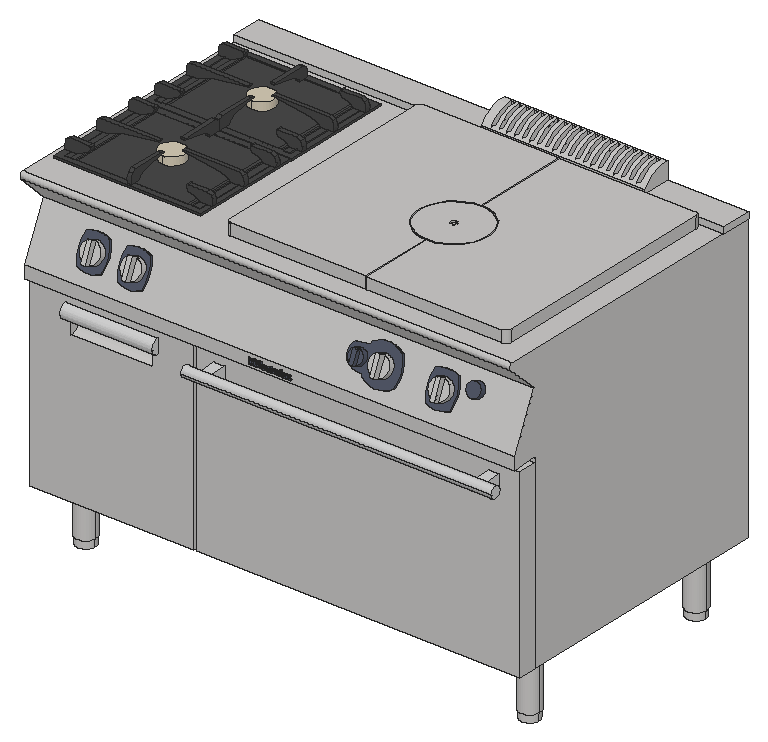
Revit family "QF_ELECTROLUXPROFESSIONAL_371010_E7STGL3010", category Specialty Equipment, Revit 2018 (continued)
Automatic sketch dimensions
  Extrusion 35 sketch curve to Extrusion 35 sketch curve = 0.481 mm
  Extrusion 35 sketch curve to Extrusion 35 sketch curve = 0.597 mm
  Extrusion 35 sketch curve to Extrusion 35 sketch curve = 0.544 mm
  Extrusion 35 sketch curve to Extrusion 35 sketch curve = 0.936 mm
  Extrusion 35 sketch curve to Extrusion 35 sketch curve = 0.594 mm
  Extrusion 35 sketch curve to Extrusion 35 sketch curve = 0.343 mm
  Extrusion 35 sketch curve to Extrusion 35 sketch curve = 0.159 mm
  Extrusion 35 sketch curve to Extrusion 35 sketch curve = 0.826 mm
  Extrusion 35 sketch curve to Extrusion 35 sketch curve = 0.839 mm
  Extrusion 35 sketch curve to Extrusion 35 sketch curve = 0.852 mm
  Extrusion 35 sketch curve to Extrusion 35 sketch curve = 0.887 mm
  Extrusion 35 sketch curve to Extrusion 35 sketch curve = 0.928 mm
  Extrusion 35 sketch curve to Extrusion 35 sketch curve = 0.938 mm
  Extrusion 35 sketch curve to Extrusion 35 sketch curve = 0.444 mm
  Extrusion 35 sketch curve to Extrusion 35 sketch curve = 1.11 mm  (x3)
  plane 7 "Center Y" to Extrusion 35 sketch curve = 43.726 mm
  Extrusion 35 sketch curve to Extrusion 35 sketch curve = 0.215 mm
  plane 7 "Center Y" to Extrusion 35 sketch curve = 0.332 mm
  Extrusion 35 sketch curve to Extrusion 35 sketch curve = 1.43 mm
  Extrusion 35 sketch curve to Extrusion 35 sketch curve = 1.188 mm
  Extrusion 35 sketch curve to Extrusion 35 sketch curve = 1.21 mm  (x2)
  Extrusion 35 sketch curve to Extrusion 35 sketch curve = 0.503 mm
  plane 7 "Center Y" to Extrusion 35 sketch curve = 48.995 mm
  Extrusion 35 sketch curve to Extrusion 35 sketch curve = 0.488 mm
  plane 7 "Center Y" to Extrusion 35 sketch curve = 52.922 mm
  Extrusion 35 sketch curve to Extrusion 35 sketch curve = 0.462 mm
  Extrusion 35 sketch curve to Extrusion 35 sketch curve = 1.386 mm
  Extrusion 35 sketch curve to Extrusion 35 sketch curve = 1.742 mm
  Extrusion 35 sketch curve to Extrusion 35 sketch curve = 0.821 mm
  Extrusion 35 sketch curve to Extrusion 35 sketch curve = 0.497 mm
  Extrusion 35 sketch curve to Extrusion 35 sketch curve = 0.539 mm
  Extrusion 35 sketch curve to Extrusion 35 sketch curve = 0.686 mm
  Extrusion 35 sketch curve to plane 7 "Center Y" = 0.042 mm
  Extrusion 35 sketch curve to Extrusion 35 sketch curve = 0.408 mm
  Extrusion 35 sketch curve to Extrusion 35 sketch curve = 0.743 mm
  Extrusion 35 sketch curve to Extrusion 35 sketch curve = 1.16 mm
  Extrusion 35 sketch curve to Extrusion 35 sketch curve = 0.329 mm
  Extrusion 35 sketch curve to Extrusion 35 sketch curve = 1.054 mm
  Extrusion 35 sketch curve to Extrusion 35 sketch curve = 1.056 mm
  Extrusion 35 sketch curve to Extrusion 35 sketch curve = 0.129 mm
  Extrusion 35 sketch curve to Extrusion 35 sketch curve = 0.489 mm
  Extrusion 35 sketch curve to plane 7 "Center Y" = 0.376 mm
  Extrusion 35 sketch curve to Extrusion 35 sketch curve = 0.441 mm
  Extrusion 35 sketch curve to Extrusion 35 sketch curve = 1.151 mm
  Extrusion 35 sketch curve to Extrusion 35 sketch curve = 1.141 mm  (x2)
  Extrusion 35 sketch curve to Extrusion 35 sketch curve = 0.768 mm
  Extrusion 35 sketch curve to Extrusion 35 sketch curve = 1.653 mm
  Extrusion 35 sketch curve to Extrusion 35 sketch curve = 0.499 mm
  Extrusion 35 sketch curve to Extrusion 35 sketch curve = 0.964 mm
  Extrusion 35 sketch curve to Extrusion 35 sketch curve = 0.949 mm
  Extrusion 35 sketch curve to Extrusion 35 sketch curve = 1.345 mm  (x3)
  Extrusion 35 sketch curve to Extrusion 35 sketch curve = 1.101 mm
  Extrusion 35 sketch curve to Extrusion 35 sketch curve = 0.432 mm
  Extrusion 35 sketch curve to Extrusion 35 sketch curve = 1.142 mm
  Extrusion 35 sketch curve to Extrusion 35 sketch curve = 0.959 mm
  Extrusion 35 sketch curve to Extrusion 35 sketch curve = 0.176 mm
  Extrusion 35 sketch curve to Extrusion 35 sketch curve = 0.728 mm
  Extrusion 35 sketch curve to Extrusion 35 sketch curve = 3.375 mm  (x2)
  Extrusion 35 sketch curve to Extrusion 35 sketch curve = 0.541 mm
  Extrusion 35 sketch curve to Extrusion 35 sketch curve = 0.955 mm
  Extrusion 35 sketch curve to Extrusion 35 sketch curve = 1.251 mm
  Extrusion 35 sketch curve to Extrusion 35 sketch curve = 0.572 mm
  plane 7 "Center Y" to Extrusion 35 sketch curve = 47.619 mm
  Extrusion 35 sketch curve to Extrusion 35 sketch curve = 1.92 mm
  Extrusion 35 sketch curve to Extrusion 35 sketch curve = 1.224 mm
  Extrusion 35 sketch curve to Extrusion 35 sketch curve = 0.745 mm
  Extrusion 35 sketch curve to Extrusion 35 sketch curve = 0.036 mm
  Extrusion 35 sketch curve to Extrusion 35 sketch curve = 0.896 mm  (x3)
  Extrusion 35 sketch curve to Extrusion 35 sketch curve = 2.607 mm
  Extrusion 35 sketch curve to Extrusion 35 sketch curve = 0.066 mm
  Extrusion 35 sketch curve to Extrusion 35 sketch curve = 0.248 mm
  Extrusion 35 sketch curve to Extrusion 35 sketch curve = 0.449 mm
  plane 7 "Center Y" to Extrusion 35 sketch curve = 46.838 mm
  Extrusion 35 sketch curve to Extrusion 35 sketch curve = 1.052 mm
  Extrusion 35 sketch curve to Extrusion 35 sketch curve = 1.863 mm
  Extrusion 35 sketch curve to Extrusion 35 sketch curve = 1.31 mm  (x2)
  Extrusion 35 sketch curve to Extrusion 35 sketch curve = 0.901 mm
  Extrusion 35 sketch curve to Extrusion 35 sketch curve = 1.107 mm
  Extrusion 35 sketch curve to Extrusion 35 sketch curve = 2.122 mm
  Extrusion 35 sketch curve to Extrusion 35 sketch curve = 2.101 mm
  Extrusion 35 sketch curve to Extrusion 35 sketch curve = 0.106 mm
  Extrusion 35 sketch curve to Extrusion 35 sketch curve = 0.029 mm
  plane 7 "Center Y" to Extrusion 35 sketch curve = 49.641 mm
  Extrusion 35 sketch curve to Extrusion 35 sketch curve = 2.09 mm
  Extrusion 35 sketch curve to Extrusion 35 sketch curve = 1.279 mm
  Extrusion 35 sketch curve to Extrusion 35 sketch curve = 2.008 mm
  Extrusion 35 sketch curve to Extrusion 35 sketch curve = 0.738 mm
  Extrusion 35 sketch curve to Extrusion 35 sketch curve = 0.382 mm
  Extrusion 35 sketch curve to Extrusion 35 sketch curve = 0.384 mm
  Extrusion 35 sketch curve to Extrusion 35 sketch curve = 0.002 mm
  Extrusion 35 sketch curve to Extrusion 35 sketch curve = 0.561 mm
  Extrusion 35 sketch curve to Extrusion 35 sketch curve = 0.592 mm
  Extrusion 35 sketch curve to Extrusion 35 sketch curve = 2.692 mm
  Extrusion 35 sketch curve to Extrusion 35 sketch curve = 1.259 mm
  plane 7 "Center Y" to Extrusion 35 sketch curve = 48.858 mm
  Extrusion 35 sketch curve to Extrusion 35 sketch curve = 0.802 mm
  Extrusion 35 sketch curve to Extrusion 35 sketch curve = 1.024 mm
  Extrusion 35 sketch curve to Extrusion 35 sketch curve = 0.682 mm
  Extrusion 35 sketch curve to Extrusion 35 sketch curve = 5.934 mm
  Extrusion 35 sketch curve to Extrusion 35 sketch curve = 2.186 mm
  Extrusion 35 sketch curve to Extrusion 35 sketch curve = 0.337 mm
  Extrusion 35 sketch curve to Extrusion 35 sketch curve = 0.021 mm
  Extrusion 35 sketch curve to Extrusion 35 sketch curve = 1.005 mm
  Extrusion 35 sketch curve to Extrusion 35 sketch curve = 0.552 mm
  Extrusion 35 sketch curve to Extrusion 35 sketch curve = 0.778 mm
  Extrusion 35 sketch curve to Extrusion 35 sketch curve = 0.063 mm
  Extrusion 35 sketch curve to Extrusion 35 sketch curve = 1.023 mm
  Extrusion 35 sketch curve to Extrusion 35 sketch curve = 3.804 mm
  Extrusion 35 sketch curve to Extrusion 35 sketch curve = 0.486 mm
  Extrusion 35 sketch curve to Extrusion 35 sketch curve = 0.266 mm
  Extrusion 35 sketch curve to plane 7 "Center Y" = 0.787 mm
  Extrusion 35 sketch curve to Extrusion 35 sketch curve = 1.547 mm
  Extrusion 35 sketch curve to Extrusion 35 sketch curve = 0.717 mm  (x2)
  Extrusion 35 sketch curve to Extrusion 35 sketch curve = 1.667 mm
  plane 7 "Center Y" to Extrusion 35 sketch curve = 44.532 mm
  Extrusion 35 sketch curve to Extrusion 35 sketch curve = 3.174 mm
  plane 7 "Center Y" to Extrusion 35 sketch curve = 0.368 mm
  Extrusion 35 sketch curve to Extrusion 35 sketch curve = 0.388 mm
  Extrusion 35 sketch curve to Extrusion 35 sketch curve = 1.342 mm
  plane 7 "Center Y" to Extrusion 35 sketch curve = 50.135 mm
  Extrusion 35 sketch curve to Extrusion 35 sketch curve = 1.521 mm
  plane 7 "Center Y" to Extrusion 35 sketch curve = 51.694 mm
  Extrusion 35 sketch curve to Extrusion 35 sketch curve = 0.124 mm
  Extrusion 35 sketch curve to Extrusion 35 sketch curve = 0.291 mm
  plane 7 "Center Y" to Extrusion 35 sketch curve = 7.285 mm
  Extrusion 35 sketch curve to Extrusion 35 sketch curve = 1.049 mm  (x2)
  plane 7 "Center Y" to Extrusion 35 sketch curve = 47.668 mm
  Extrusion 35 sketch curve to Extrusion 35 sketch curve = 1.7 mm
  Extrusion 35 sketch curve to Extrusion 35 sketch curve = 0.894 mm
  Extrusion 35 sketch curve to Extrusion 35 sketch curve = 0.989 mm
  Extrusion 35 sketch curve to Extrusion 35 sketch curve = 1.168 mm
  Extrusion 35 sketch curve to Extrusion 35 sketch curve = 1.594 mm
  Extrusion 35 sketch curve to Extrusion 35 sketch curve = 0.731 mm
  Extrusion 35 sketch curve to Extrusion 35 sketch curve = 1.566 mm
  Extrusion 35 sketch curve to Extrusion 35 sketch curve = 0.064 mm
  plane 7 "Center Y" to Extrusion 35 sketch curve = 7.842 mm
  Extrusion 35 sketch curve to Extrusion 35 sketch curve = 0.556 mm
  Extrusion 35 sketch curve to Extrusion 35 sketch curve = 0.48 mm
  Extrusion 35 sketch curve to Extrusion 35 sketch curve = 0.228 mm
  Extrusion 35 sketch curve to Extrusion 35 sketch curve = 1.018 mm
  plane 7 "Center Y" to Extrusion 35 sketch curve = 37.429 mm
  Extrusion 35 sketch curve to Extrusion 35 sketch curve = 0.787 mm
  Extrusion 35 sketch curve to Extrusion 35 sketch curve = 0.618 mm
  plane 7 "Center Y" to Extrusion 35 sketch curve = 42.486 mm
  Extrusion 35 sketch curve to Extrusion 35 sketch curve = 1.672 mm
  plane 7 "Center Y" to Extrusion 35 sketch curve = 53.436 mm
  Extrusion 35 sketch curve to Extrusion 35 sketch curve = 1.361 mm
  Extrusion 35 sketch curve to Extrusion 35 sketch curve = 0.822 mm
  Extrusion 35 sketch curve to Extrusion 35 sketch curve = 0.069 mm
  Extrusion 35 sketch curve to Extrusion 35 sketch curve = 1.88 mm
  plane 7 "Center Y" to Extrusion 35 sketch curve = 35.269 mm
  Extrusion 35 sketch curve to Extrusion 35 sketch curve = 0.42 mm
  Extrusion 35 sketch curve to Extrusion 35 sketch curve = 0.062 mm
  Extrusion 35 sketch curve to Extrusion 35 sketch curve = 1.355 mm
  Extrusion 35 sketch curve to Extrusion 35 sketch curve = 2.34 mm
  Extrusion 35 sketch curve to Extrusion 35 sketch curve = 0.493 mm
  Extrusion 35 sketch curve to Extrusion 35 sketch curve = 0.136 mm
  Extrusion 35 sketch curve to Extrusion 35 sketch curve = 0.128 mm
  Extrusion 35 sketch curve to Extrusion 35 sketch curve = 3.616 mm
  Extrusion 35 sketch curve to Extrusion 35 sketch curve = 4.207 mm
  Extrusion 35 sketch curve to Extrusion 35 sketch curve = 0.183 mm
  Extrusion 35 sketch curve to Extrusion 35 sketch curve = 0.895 mm
  Extrusion 35 sketch curve to Extrusion 35 sketch curve = 1.314 mm
  Extrusion 35 sketch curve to Extrusion 35 sketch curve = 3.231 mm
  Extrusion 35 sketch curve to plane 7 "Center Y" = 23.526 mm
  Extrusion 35 sketch curve to Extrusion 35 sketch curve = 1.299 mm
  Extrusion 35 sketch curve to Extrusion 35 sketch curve = 1.214 mm
  plane 7 "Center Y" to Extrusion 35 sketch curve = 26.369 mm
  Extrusion 35 sketch curve to Extrusion 35 sketch curve = 1.264 mm
  Extrusion 35 sketch curve to Extrusion 35 sketch curve = 0.109 mm
  Extrusion 35 sketch curve to Extrusion 35 sketch curve = 0.357 mm
  Extrusion 35 sketch curve to Extrusion 35 sketch curve = 0.565 mm
  Extrusion 35 sketch curve to Extrusion 35 sketch curve = 2.504 mm
  Extrusion 35 sketch curve to Extrusion 35 sketch curve = 2.459 mm
  Extrusion 35 sketch curve to Extrusion 35 sketch curve = 0.983 mm
  Extrusion 35 sketch curve to Extrusion 35 sketch curve = 0.422 mm  (x2)
  Extrusion 35 sketch curve to Extrusion 35 sketch curve = 1.268 mm
  Extrusion 35 sketch curve to Extrusion 35 sketch curve = 0.671 mm
  Extrusion 35 sketch curve to Extrusion 35 sketch curve = 1.634 mm
  Extrusion 35 sketch curve to Extrusion 35 sketch curve = 0.132 mm
  Extrusion 35 sketch curve to Extrusion 35 sketch curve = 0.586 mm
  Extrusion 35 sketch curve to Extrusion 35 sketch curve = 1.241 mm
  Extrusion 35 sketch curve to Extrusion 35 sketch curve = 1.689 mm
  Extrusion 35 sketch curve to Extrusion 35 sketch curve = 0.627 mm
  Extrusion 35 sketch curve to Extrusion 35 sketch curve = 0.419 mm
  Extrusion 35 sketch curve to Extrusion 35 sketch curve = 1.514 mm
  Extrusion 35 sketch curve to Extrusion 35 sketch curve = 1.019 mm
  Extrusion 35 sketch curve to Extrusion 35 sketch curve = 0.065 mm
  Extrusion 35 sketch curve to Extrusion 35 sketch curve = 1.215 mm
  Extrusion 35 sketch curve to Extrusion 35 sketch curve = 1.122 mm
  Extrusion 35 sketch curve to Extrusion 35 sketch curve = 1.153 mm
  Extrusion 35 sketch curve to Extrusion 35 sketch curve = 1.223 mm
  Extrusion 35 sketch curve to Extrusion 35 sketch curve = 0.934 mm
  Extrusion 35 sketch curve to Extrusion 35 sketch curve = 3.376 mm
  Extrusion 35 sketch curve to Extrusion 35 sketch curve = 0.222 mm
  Extrusion 35 sketch curve to Extrusion 35 sketch curve = 1.383 mm
  Extrusion 35 sketch curve to Extrusion 35 sketch curve = 1.556 mm
  Extrusion 35 sketch curve to Extrusion 35 sketch curve = 2.559 mm
  Extrusion 35 sketch curve to Extrusion 35 sketch curve = 2.51 mm
  Extrusion 35 sketch curve to Extrusion 35 sketch curve = 0.131 mm
  Extrusion 35 sketch curve to Extrusion 35 sketch curve = 1.134 mm
  Extrusion 35 sketch curve to Extrusion 35 sketch curve = 0.094 mm
  Extrusion 35 sketch curve to Extrusion 35 sketch curve = 1.584 mm
  Extrusion 35 sketch curve to Extrusion 35 sketch curve = 0.27 mm
  Extrusion 35 sketch curve to Extrusion 35 sketch curve = 0.916 mm
  Extrusion 35 sketch curve to Extrusion 35 sketch curve = 0.352 mm
  Extrusion 35 sketch curve to Extrusion 35 sketch curve = 0.458 mm
  Extrusion 35 sketch curve to Extrusion 35 sketch curve = 1.282 mm
  Extrusion 35 sketch curve to Extrusion 35 sketch curve = 1.363 mm
  Extrusion 35 sketch curve to Extrusion 35 sketch curve = 0.685 mm
  Extrusion 35 sketch curve to Extrusion 35 sketch curve = 0.905 mm
  Extrusion 35 sketch curve to Extrusion 35 sketch curve = 1.477 mm
  Extrusion 35 sketch curve to Extrusion 35 sketch curve = 0.472 mm
  Extrusion 35 sketch curve to Extrusion 35 sketch curve = 0.101 mm
  Extrusion 35 sketch curve to Extrusion 35 sketch curve = 0.54 mm
  Extrusion 35 sketch curve to Extrusion 35 sketch curve = 0.02 mm
  Extrusion 35 sketch curve to Extrusion 35 sketch curve = 0.829 mm
  Extrusion 35 sketch curve to Extrusion 35 sketch curve = 0.582 mm
  Extrusion 35 sketch curve to Extrusion 35 sketch curve = 0.166 mm
  Extrusion 35 sketch curve to Extrusion 35 sketch curve = 0.16 mm
  Extrusion 35 sketch curve to Extrusion 35 sketch curve = 1.118 mm
  Extrusion 35 sketch curve to Extrusion 35 sketch curve = 0.613 mm
  Extrusion 35 sketch curve to Extrusion 35 sketch curve = 0.781 mm
  Extrusion 35 sketch curve to Extrusion 35 sketch curve = 0.361 mm
  Extrusion 35 sketch curve to Extrusion 35 sketch curve = 0.897 mm
  Extrusion 35 sketch curve to Extrusion 35 sketch curve = 0.167 mm
  Extrusion 35 sketch curve to Extrusion 35 sketch curve = 0.292 mm
  Extrusion 35 sketch curve to Extrusion 35 sketch curve = 0.305 mm
  Extrusion 35 sketch curve to Extrusion 35 sketch curve = 1.557 mm
  Extrusion 35 sketch curve to Extrusion 35 sketch curve = 2.499 mm
  Extrusion 35 sketch curve to Extrusion 35 sketch curve = 3.062 mm
  Extrusion 35 sketch curve to Extrusion 35 sketch curve = 2.968 mm
  Extrusion 35 sketch curve to Extrusion 35 sketch curve = 5.044 mm
  Extrusion 35 sketch curve to Extrusion 35 sketch curve = 0.629 mm  (x2)
  Extrusion 35 sketch curve to Extrusion 35 sketch curve = 1.131 mm
  Extrusion 35 sketch curve to Extrusion 35 sketch curve = 0.137 mm
  Extrusion 35 sketch curve to Extrusion 35 sketch curve = 0.027 mm
  Extrusion 35 sketch curve to Extrusion 35 sketch curve = 2.046 mm
  Extrusion 35 sketch curve to Extrusion 35 sketch curve = 2.235 mm
  radius of Extrusion 8 sketch curve = 6.35 mm
  radius of Extrusion 13 sketch curve = 12.7 mm
  radius of Extrusion 16 sketch curve = 82.6 mm
  radius of Extrusion 16 sketch curve = 7 mm
  radius of Extrusion 19 sketch curve = 25.4 mm
  radius of Extrusion 20 sketch curve to Extrusion 19 = 0 mm  (x2)
  radius of Extrusion 21 sketch curve = 17.78 mm
  radius of Extrusion 23 sketch curve = 25.4 mm
  radius of Extrusion 24 sketch curve to Extrusion 23 = 0 mm  (x2)
  radius of Extrusion 25 sketch curve = 18.37 mm
  radius of Extrusion 28 sketch curve = 25.4 mm
  radius of Extrusion 29 sketch curve to Extrusion 28 = 0 mm  (x2)
  radius of Extrusion 31 sketch curve = 25.4 mm
  radius of Extrusion 32 sketch curve to Extrusion 31 = 0 mm  (x2)
Nested families
  nested 1: "371009_BURNER" at (8.5, -5, 0), type "371009_BURNER"
    with Type Mark "", Status "", Specification by User "", Revision Code "", Item Number "", Installed By "", Identify Quantity as Lot yes, Furnished By "", Foodservice Equipment Identifier yes
  nested 2: "371009_BURNER" at (8.5, -739.127, 0), type "371009_BURNER"
    with Type Mark "", Status "", Specification by User "", Revision Code "", Item Number "", Installed By "", Identify Quantity as Lot yes, Furnished By "", Foodservice Equipment Identifier yes
Connectors
  piping at (1147.613, -464, 141.185), diameter 12.8
    settings: on Extrusion 8, index 1, connector inside diameter 0.50394", connector length 0 mm, flow factor 0, pipe flow 0 GPM, pressure drop 0.00 psi, fitting loss kfactor 0, connector angle 0.00°, fixture units 0, engagement length 0 mm, angle of deflection 0.00°, flow configuration 1, flow direction 1, fitting loss method 0, system type 7, joint type 0, gender type 0, connector reference index -1, connector utility 0, adjustable connector no, is connector primary yes, connector description "Gas Inlet"
Definition of nested family "371009_BURNER"
  Parameters
    Weight in Pounds = 0
    URL Cutsheet = ""
    URL = "www.electrolux.com"
    Type Mark [instance] = ""
    Status [instance] = ""
    Specification by User [instance] = ""
    Specification by Manufacturer = ""
    Serial Number = ""
    Seismic Rating = ""
    SMACNA No = ""
    Revision Code [instance] = ""
    Omniclass Number and Title = ""
    NAFEM Spec ID Number = ""
    Model = "371009"
    Masterspec = ""
    Manufacturer = "ELECTROLUX"
    Item Number [instance] = ""
    Installed By [instance] = ""
    Identify Quantity as Lot [instance] = yes
    Furnished By [instance] = ""
    Foodservice Equipment Identifier [instance] = yes
    Description = ""
    CSI MasterFormat = ""
    CSI Master Format = ""
  Reference planes
    plane 1 "BACK": y = 0
    plane 2: z = 0
    plane 3 "LEFT": x = 0
    plane 4 "RIGHT": x = 800
    plane 5 "FRONT": y = -700
    plane 6 "TOP": z = 908.85
    plane 7 "Center Y": x = 400
    plane 8 "Center X": y = -350
    plane 9 "Base": z = 150
    plane 10: z = 850.85
  Forms (mm)
    Extrusion 1, solid
      sketch origin (0, -734.127, 5) x (1, 0, 0) y (0, 0, -1)
        loop
          arc (7.142, -850.85) -> (6.739, -862.989) -> (9.761, -874.752) r 42.809
          line (9.761, -874.752) -> (19.961, -879.425) -> (157.339, -879.425)
          arc (157.339, -879.425) -> (158.533, -878.312) -> (157.506, -877.043) r 1.197
          line (157.506, -877.043) -> (64.848, -864.021)
          arc (64.848, -864.021) -> (50.111, -858.738) -> (36.589, -850.85) r 85.245
          line (36.589, -850.85) -> (7.142, -850.85)
        loop
          line (367.858, -850.85) -> (338.411, -850.85)
          arc (338.411, -850.85) -> (324.889, -858.738) -> (310.152, -864.021) r 85.245
          line (310.152, -864.021) -> (217.494, -877.043)
          arc (217.494, -877.043) -> (216.467, -878.312) -> (217.661, -879.425) r 1.197
          line (217.661, -879.425) -> (355.039, -879.425) -> (365.239, -874.752)
          arc (365.239, -874.752) -> (368.261, -862.989) -> (367.858, -850.85) r 42.809
      from 224.564 to 234.564
    Extrusion 2, solid
      sketch origin (0, -734.127, 5) x (1, 0, 0) y (0, 0, -1)
        loop
          arc (7.056, -850.85) -> (6.705, -862.948) -> (9.748, -874.663) r 42.876
          line (9.748, -874.663) -> (19.961, -879.425) -> (65.851, -879.425)
          arc (65.851, -879.425) -> (68.577, -878.352) -> (69.841, -875.709) r 4
          arc (69.841, -875.709) -> (68.75, -869.25) -> (64.816, -864.012) r 13.87
          arc (64.816, -864.012) -> (50.096, -858.731) -> (36.589, -850.85) r 85.245
          line (36.589, -850.85) -> (7.056, -850.85)
        loop
          line (367.944, -850.85) -> (338.411, -850.85)
          arc (338.411, -850.85) -> (324.904, -858.731) -> (310.184, -864.012) r 85.245
          arc (310.184, -864.012) -> (306.25, -869.25) -> (305.159, -875.709) r 13.87
          arc (305.159, -875.709) -> (306.423, -878.352) -> (309.149, -879.425) r 4
          line (309.149, -879.425) -> (355.039, -879.425) -> (365.252, -874.663)
          arc (365.252, -874.663) -> (368.295, -862.948) -> (367.944, -850.85) r 42.876
      from 127.064 to 137.064
    Extrusion 3, solid
      sketch origin (0, -275, 5) x (1, 0, 0) y (0, 0, 1)
        loop
          arc (64.816, 864.012) -> (68.75, 869.25) -> (69.841, 875.709) r 13.87
          arc (69.841, 875.709) -> (68.577, 878.352) -> (65.851, 879.425) r 4
          line (65.851, 879.425) -> (19.961, 879.425) -> (9.748, 874.663)
          arc (9.748, 874.663) -> (6.705, 862.948) -> (7.056, 850.85) r 42.876
          line (7.056, 850.85) -> (36.589, 850.85)
          arc (36.589, 850.85) -> (50.096, 858.731) -> (64.816, 864.012) r 85.245
        loop
          arc (310.184, 864.012) -> (324.904, 858.731) -> (338.411, 850.85) r 85.245
          line (338.411, 850.85) -> (367.944, 850.85)
          arc (367.944, 850.85) -> (368.295, 862.948) -> (365.252, 874.663) r 42.876
          line (365.252, 874.663) -> (355.039, 879.425) -> (309.149, 879.425)
          arc (309.149, 879.425) -> (306.423, 878.352) -> (305.159, 875.709) r 4
          arc (305.159, 875.709) -> (306.25, 869.25) -> (310.184, 864.012) r 13.87
      from 127.064 to 137.064
    Extrusion 4, solid
      sketch origin (454.964, -29.48, 5) x (0, -1, 0) y (0, 0, 1)
        loop
          arc (366.649, 850.85) -> (375.927, 861.743) -> (389.337, 866.736) r 28.426
          line (389.337, 866.736) -> (441.256, 877.043)
          arc (441.256, 877.043) -> (442.283, 878.312) -> (441.089, 879.425) r 1.197
          line (441.089, 879.425) -> (347.797, 879.425)
          arc (347.797, 879.425) -> (343.211, 875.934) -> (337.583, 874.694) r 13.39
          line (337.583, 874.694) -> (337.583, 850.85) -> (366.649, 850.85)
        loop
          arc (606.236, 850.85) -> (606.587, 862.948) -> (603.543, 874.663) r 42.876
          line (603.543, 874.663) -> (593.33, 879.425) -> (509.077, 879.425)
          arc (509.077, 879.425) -> (507.883, 878.312) -> (508.911, 877.043) r 1.197
          line (508.911, 877.043) -> (560.83, 866.736)
          arc (560.83, 866.736) -> (574.239, 861.743) -> (583.518, 850.85) r 28.426
          line (583.518, 850.85) -> (606.236, 850.85)
      from 262.464 to 272.464
    Extrusion 5, solid
      sketch origin (0, 0, 850.85) x (0, -1, 0) y (1, 0, 0)
        loop
          line (642.216, 6.433) -> (642.216, 368.567) -> (367.857, 368.567) -> (367.857, 6.433) -> (642.216, 6.433)
        loop
          line (382.857, 21.433) -> (627.216, 21.433) -> (627.216, 353.567) -> (382.857, 353.567) -> (382.857, 21.433)
      from 0 to 5
    Extrusion 6, solid
      sketch origin (-12.5, 0, 855.85) x (0, -1, 0) y (1, 0, 0)
        loop
          circle (504.356, 200) r 30
      from -1.321 to 17.134
    Extrusion 7, solid
      sketch origin (0, -734.127, 0) x (1, 0, 0) y (0, 0, -1)
        loop
          line (21.433, -855.85) -> (36.589, -855.85)
          arc (36.589, -855.85) -> (40.561, -855.243) -> (44.305, -853.783) r 18.259
          arc (44.305, -853.783) -> (45.997, -853.366) -> (47.69, -853.783) r 3.649
          arc (47.69, -853.783) -> (49.901, -854.522) -> (52.232, -854.529) r 7.328
          line (52.232, -854.529) -> (322.768, -854.529)
          arc (322.768, -854.529) -> (325.099, -854.522) -> (327.31, -853.783) r 7.328
          arc (327.31, -853.783) -> (329.003, -853.366) -> (330.695, -853.783) r 3.649
          arc (330.695, -853.783) -> (334.439, -855.243) -> (338.411, -855.85) r 18.259
          line (338.411, -855.85) -> (353.567, -855.85) -> (353.567, -850.85) -> (21.433, -850.85) -> (21.433, -855.85)
      from 106.911 to 351.27
  Lines and regions (mm)
    symbolic lines
      curve 1: line (6.433, -642.216, 150) -> (368.567, -642.216, 150)
      curve 2: line (6.433, -367.857, 150) -> (6.433, -642.216, 150)
      curve 3: line (368.567, -367.857, 150) -> (192.5, -367.857, 150)
      curve 4: line (368.567, -642.216, 150) -> (368.567, -367.857, 150)
      curve 5: line (353.567, -382.857, 150) -> (192.5, -382.857, 150)
      curve 6: line (353.567, -627.216, 150) -> (353.567, -607.064, 150)
      curve 7: line (21.433, -627.216, 150) -> (182.5, -627.216, 150)
      curve 8: line (21.433, -382.857, 150) -> (21.433, -402.064, 150)
      curve 9: line (52.232, -627.216, 150) -> (52.232, -607.064, 150)
      curve 10: line (322.567, -382.857, 150) -> (322.567, -402.064, 150)
      curve 11: line (148.125, -499.564, 150) -> (148.125, -382.857, 150)
      curve 12: line (154.375, -382.857, 150) -> (154.375, -499.564, 150)
      curve 13: arc (148.297, -509.564, 150) -> (159.191, -533.254, 150) -> (182.5, -544.942, 150) r 39.375
      curve 14: arc (220.42, -509.564, 150) -> (211.39, -528.832, 150) -> (192.5, -538.631, 150) r 33.125
      curve 15: line (220.625, -382.857, 150) -> (220.625, -499.564, 150)
      curve 16: line (226.875, -499.564, 150) -> (226.875, -382.857, 150)
      curve 17: line (192.5, -636.339, 150) -> (192.5, -535.619, 150)
      curve 18: arc (182.657, -474.75, 150) -> (166.195, -483.236, 150) -> (157.853, -499.771, 150) r 30
      curve 19: arc (192.224, -533.982, 150) -> (208.621, -525.661, 150) -> (217.084, -509.337, 150) r 30
      curve 20: line (368.567, -597.064, 150) -> (305.159, -597.064, 150)
      curve 21: line (6.433, -607.064, 150) -> (69.841, -607.064, 150)
      curve 22: line (6.433, -509.564, 150) -> (156.429, -509.564, 150)
      curve 23: line (368.567, -499.564, 150) -> (218.571, -499.564, 150)
      curve 24: line (6.433, -412.064, 150) -> (69.841, -412.064, 150)
      curve 25: line (368.567, -402.064, 150) -> (305.159, -402.064, 150)
      curve 26: line (69.841, -597.064, 150) -> (6.433, -597.064, 150)
      curve 27: line (305.159, -607.064, 150) -> (368.567, -607.064, 150)
      curve 28: line (69.841, -402.064, 150) -> (6.433, -402.064, 150)
      curve 29: line (305.159, -412.064, 150) -> (368.567, -412.064, 150)
      curve 30: arc (69.841, -597.064, 150) -> (74.841, -602.064, 150) -> (69.841, -607.064, 150) r 5
      curve 31: arc (305.159, -607.064, 150) -> (300.159, -602.064, 150) -> (305.159, -597.064, 150) r 5
      curve 32: arc (69.841, -402.064, 150) -> (74.841, -407.064, 150) -> (69.841, -412.064, 150) r 5
      curve 33: arc (305.159, -412.064, 150) -> (300.159, -407.064, 150) -> (305.159, -402.064, 150) r 5
      curve 34: line (21.433, -412.064, 150) -> (21.433, -499.564, 150)
      curve 35: line (52.232, -402.064, 150) -> (52.232, -382.857, 150)
      curve 36: line (21.433, -509.564, 150) -> (21.433, -597.064, 150)
      curve 37: line (52.232, -499.564, 150) -> (52.232, -412.064, 150)
      curve 38: line (52.232, -597.064, 150) -> (52.232, -509.564, 150)
      curve 39: line (21.433, -607.064, 150) -> (21.433, -627.216, 150)
      curve 40: line (322.567, -607.064, 150) -> (322.567, -627.216, 150)
      curve 41: line (353.567, -597.064, 150) -> (353.567, -509.564, 150)
      curve 42: line (322.567, -509.564, 150) -> (322.567, -597.064, 150)
      curve 43: line (353.567, -499.564, 150) -> (353.567, -412.064, 150)
      curve 44: line (353.567, -402.064, 150) -> (353.567, -382.857, 150)
      curve 45: line (322.567, -412.064, 150) -> (322.567, -499.564, 150)
      curve 46: line (156.429, -499.564, 150) -> (6.433, -499.564, 150)
      curve 47: line (218.571, -509.564, 150) -> (368.567, -509.564, 150)
      curve 48: arc (218.571, -499.564, 150) -> (213.571, -504.564, 150) -> (218.571, -509.564, 150) r 5
      curve 49: arc (156.429, -499.564, 150) -> (161.429, -504.564, 150) -> (156.429, -509.564, 150) r 5
      curve 50: arc (157.916, -509.337, 150) -> (166.379, -525.661, 150) -> (182.776, -533.982, 150) r 30
      curve 51: arc (217.147, -499.771, 150) -> (208.805, -483.236, 150) -> (192.343, -474.75, 150) r 30
      curve 52: line (182.5, -535.619, 150) -> (182.5, -636.339, 150)
      curve 53: line (192.5, -473.508, 150) -> (192.5, -367.064, 150)
      curve 54: arc (192.5, -535.619, 150) -> (187.5, -530.619, 150) -> (182.5, -535.619, 150) r 5
      curve 55: arc (192.5, -473.508, 150) -> (187.5, -478.508, 150) -> (182.5, -473.508, 150) r 5
      curve 56: line (182.5, -367.857, 150) -> (6.433, -367.857, 150)
      curve 57: line (182.5, -382.857, 150) -> (21.433, -382.857, 150)
      curve 58: arc (192.5, -404.571, 150) -> (196.398, -417.071, 150) -> (192.5, -429.571, 150) r 21.993
      curve 59: arc (196.181, -420.148, 150) -> (199.482, -417.071, 150) -> (196.181, -413.995, 150) r 3.084
      curve 60: arc (182.5, -404.571, 150) -> (178.602, -417.071, 150) -> (182.5, -429.571, 150) r 21.993
      curve 61: arc (178.819, -420.148, 150) -> (175.518, -417.071, 150) -> (178.819, -413.995, 150) r 3.084
      curve 62: line (182.5, -367.064, 150) -> (182.5, -473.508, 150)
      curve 63: arc (182.5, -538.631, 150) -> (163.61, -528.832, 150) -> (154.58, -509.564, 150) r 33.125
      curve 64: arc (192.5, -544.942, 150) -> (215.809, -533.254, 150) -> (226.703, -509.564, 150) r 39.375
      curve 65: line (182.5, -636.339, 150) -> (192.5, -636.339, 150)
      curve 66: line (182.5, -377.277, 150) -> (192.5, -377.277, 150)
      curve 67: line (182.5, -367.064, 150) -> (192.5, -367.064, 150)
      curve 68: line (192.5, -627.216, 150) -> (353.567, -627.216, 150)
  Dimensions and locks
    equal spacing: plane 3 "LEFT", plane 7 "Center Y", plane 4 "RIGHT"
    plane 3 "LEFT" to plane 4 "RIGHT" = 800 mm
    equal spacing: plane 5 "FRONT", plane 8 "Center X", plane 1 "BACK"
    plane 5 "FRONT" to plane 1 "BACK" = 700 mm
    plane 6 "TOP" to level = 908.85 mm
    plane 9 "Base" to level = 150 mm
    plane 6 "TOP" to plane 10 = 58 mm  (x2)
    aligned and locked: level to plane 2
  Automatic sketch dimensions
    Extrusion 5 sketch curve to Extrusion 5 sketch curve = 15 mm  (x2)
    Extrusion 5 sketch curve to Extrusion 5 sketch curve = 332.134 mm
    plane 3 "LEFT" to Extrusion 2 sketch curve = 7.056 mm
    plane 3 "LEFT" to Extrusion 2 sketch curve = 9.748 mm
    Extrusion 2 sketch curve to Extrusion 2 sketch curve = 10.213 mm  (x2)
    plane 10 to Extrusion 2 sketch curve = 5 mm  (x2)
    Extrusion 2 sketch curve to Extrusion 2 sketch curve = 29.533 mm
    Extrusion 2 sketch curve to Extrusion 2 sketch curve = 12.72 mm  (x2)
    Extrusion 2 sketch curve to Extrusion 2 sketch curve = 6.697 mm
    Extrusion 2 sketch curve to Extrusion 2 sketch curve = 8.81 mm
    Extrusion 2 sketch curve to Extrusion 2 sketch curve = 9.845 mm  (x2)
    Extrusion 2 sketch curve to Extrusion 2 sketch curve = 3.99 mm  (x2)
    Extrusion 2 sketch curve to Extrusion 2 sketch curve = 0 mm  (x2)
    Extrusion 2 sketch curve to Extrusion 2 sketch curve = 36.813 mm
    Extrusion 2 sketch curve to plane 7 "Center Y" = 111.122 mm
    Extrusion 2 sketch curve to plane 6 "TOP" = 28.141 mm
    Extrusion 2 sketch curve to plane 7 "Center Y" = 94.841 mm
    Extrusion 2 sketch curve to Extrusion 2 sketch curve = 1.035 mm
    Extrusion 2 sketch curve to Extrusion 2 sketch curve = 15.507 mm
    Extrusion 2 sketch curve to Extrusion 2 sketch curve = 16.628 mm
    Extrusion 2 sketch curve to Extrusion 2 sketch curve = 2.692 mm
    Extrusion 2 sketch curve to plane 6 "TOP" = 24.425 mm
    Extrusion 2 sketch curve to Extrusion 2 sketch curve = 28.575 mm
    Extrusion 2 sketch curve to Extrusion 2 sketch curve = 3.716 mm
    Extrusion 2 sketch curve to Extrusion 2 sketch curve = 4.763 mm  (x2)
    plane 3 "LEFT" to Extrusion 1 sketch curve = 7.142 mm
    plane 3 "LEFT" to Extrusion 1 sketch curve = 9.761 mm
    Extrusion 1 sketch curve to Extrusion 1 sketch curve = 10.201 mm  (x2)
    plane 10 to Extrusion 1 sketch curve = 5 mm  (x2)
    Extrusion 1 sketch curve to Extrusion 1 sketch curve = 29.447 mm
    Extrusion 1 sketch curve to Extrusion 1 sketch curve = 12.704 mm  (x2)
    Extrusion 1 sketch curve to Extrusion 1 sketch curve = 15.555 mm  (x2)
    Extrusion 1 sketch curve to Extrusion 1 sketch curve = 36.829 mm
    Extrusion 1 sketch curve to plane 6 "TOP" = 24.425 mm  (x2)
    Extrusion 1 sketch curve to Extrusion 1 sketch curve = 92.491 mm
    Extrusion 1 sketch curve to plane 6 "TOP" = 26.807 mm  (x2)
    Extrusion 1 sketch curve to Extrusion 1 sketch curve = 0.167 mm  (x2)
    Extrusion 1 sketch curve to Extrusion 1 sketch curve = 59.988 mm
    Extrusion 1 sketch curve to plane 7 "Center Y" = 111.122 mm
    plane 10 to Extrusion 1 sketch curve = 18.171 mm
    Extrusion 1 sketch curve to Extrusion 1 sketch curve = 21.274 mm
    Extrusion 1 sketch curve to Extrusion 1 sketch curve = 16.628 mm
    Extrusion 1 sketch curve to Extrusion 1 sketch curve = 2.618 mm
    Extrusion 1 sketch curve to Extrusion 1 sketch curve = 4.673 mm  (x2)
    Extrusion 1 sketch curve to Extrusion 1 sketch curve = 5.694 mm
    plane 3 "LEFT" to Extrusion 3 sketch curve = 7.056 mm
    plane 3 "LEFT" to Extrusion 3 sketch curve = 9.748 mm
    Extrusion 3 sketch curve to Extrusion 3 sketch curve = 10.213 mm  (x2)
    plane 10 to Extrusion 3 sketch curve = 5 mm  (x2)
    Extrusion 3 sketch curve to Extrusion 3 sketch curve = 29.533 mm
    Extrusion 3 sketch curve to Extrusion 3 sketch curve = 12.72 mm  (x2)
    Extrusion 3 sketch curve to Extrusion 3 sketch curve = 6.697 mm
    Extrusion 3 sketch curve to Extrusion 3 sketch curve = 8.81 mm
    Extrusion 3 sketch curve to Extrusion 3 sketch curve = 9.845 mm  (x2)
    Extrusion 3 sketch curve to Extrusion 3 sketch curve = 3.99 mm  (x2)
    Extrusion 3 sketch curve to Extrusion 3 sketch curve = 0 mm  (x2)
    Extrusion 3 sketch curve to Extrusion 3 sketch curve = 36.813 mm
    Extrusion 3 sketch curve to plane 7 "Center Y" = 111.122 mm
    Extrusion 3 sketch curve to plane 6 "TOP" = 28.141 mm
    Extrusion 3 sketch curve to plane 7 "Center Y" = 94.841 mm
    Extrusion 3 sketch curve to Extrusion 3 sketch curve = 1.035 mm
    Extrusion 3 sketch curve to Extrusion 3 sketch curve = 15.507 mm
    Extrusion 3 sketch curve to Extrusion 3 sketch curve = 16.628 mm
    Extrusion 3 sketch curve to Extrusion 3 sketch curve = 2.692 mm
    Extrusion 3 sketch curve to plane 10 = 64.377 mm  (x2)
    plane 10 to Extrusion 3 sketch curve = 12.281 mm  (x2)
    Extrusion 3 sketch curve to Extrusion 3 sketch curve = 10.713 mm
    Extrusion 5 to Extrusion 6 sketch curve = 121.499 mm
    Extrusion 5 to Extrusion 6 sketch curve = 166.067 mm
    plane 3 "LEFT" to Extrusion 5 sketch curve = 21.433 mm
    Extrusion 5 sketch curve to plane 5 "FRONT" = 72.784 mm
    plane 3 "LEFT" to Extrusion 7 sketch curve = 21.433 mm
    Extrusion 7 sketch curve to Extrusion 7 sketch curve = 14.402 mm
    plane 10 to Extrusion 7 sketch curve = 5 mm
    plane 10 to Extrusion 7 sketch curve = 2.933 mm  (x4)
    Extrusion 7 sketch curve to Extrusion 7 sketch curve = 7.716 mm  (x2)
    Extrusion 7 sketch curve to Extrusion 7 sketch curve = 0 mm  (x2)
    Extrusion 7 sketch curve to Extrusion 7 sketch curve = 1.692 mm  (x2)
    Extrusion 7 sketch curve to Extrusion 7 sketch curve = 3.385 mm  (x2)
    Extrusion 7 sketch curve to plane 10 = 3.559 mm  (x2)
    Extrusion 7 sketch curve to Extrusion 7 sketch curve = 302.478 mm
    Extrusion 7 sketch curve to Extrusion 7 sketch curve = 15.253 mm
    Extrusion 7 sketch curve to Extrusion 7 sketch curve = 15.156 mm  (x2)
    Extrusion 7 sketch curve to Extrusion 7 sketch curve = 3.233 mm
    Extrusion 7 sketch curve to plane 10 = 0 mm
    Extrusion 7 sketch curve to plane 7 "Center Y" = 77.232 mm
    Extrusion 5 sketch curve to plane 8 "Center X" = 32.857 mm
    plane 3 "LEFT" to Extrusion 5 sketch curve = 6.433 mm
    plane 1 "BACK" to Extrusion 5 sketch curve = 367.857 mm
    plane 10 to Extrusion 4 sketch curve = 5 mm  (x2)
    Extrusion 4 sketch curve to Extrusion 4 sketch curve = 29.066 mm
    Extrusion 4 sketch curve to Extrusion 4 sketch curve = 22.688 mm
    Extrusion 4 sketch curve to plane 10 = 7.392 mm  (x2)
    Extrusion 4 sketch curve to Extrusion 4 sketch curve = 25.583 mm
    Extrusion 4 sketch curve to plane 6 "TOP" = 24.425 mm  (x2)
    Extrusion 4 sketch curve to Extrusion 4 sketch curve = 51.752 mm
    Extrusion 4 sketch curve to Extrusion 4 sketch curve = 0.167 mm  (x2)
    Extrusion 4 sketch curve to plane 6 "TOP" = 26.807 mm
    Extrusion 4 sketch curve to Extrusion 4 sketch curve = 67.655 mm
    Extrusion 4 sketch curve to Extrusion 4 sketch curve = 49.024 mm
    Extrusion 4 sketch curve to Extrusion 4 sketch curve = 2.895 mm
    Extrusion 4 sketch curve to Extrusion 4 sketch curve = 3.153 mm
    Extrusion 4 sketch curve to Extrusion 4 sketch curve = 19.535 mm
    Extrusion 4 sketch curve to Extrusion 4 sketch curve = 9.813 mm
    Extrusion 4 sketch curve to Extrusion 4 sketch curve = 10.213 mm
    Extrusion 4 sketch curve to Extrusion 4 sketch curve = 22.718 mm
    Extrusion 4 sketch curve to Extrusion 4 sketch curve = 8.605 mm
    Extrusion 4 sketch curve to Extrusion 4 sketch curve = 4.731 mm
    Extrusion 4 sketch curve to Extrusion 4 sketch curve = 2.382 mm
    Extrusion 4 sketch curve to Extrusion 4 sketch curve = 8.658 mm
    Extrusion 4 sketch curve to plane 8 "Center X" = 17.064 mm
    curve 13 to curve 14 = 0 mm  (x2)
    curve 13 to curve 63 = 0 mm  (x2)
    curve 13 to curve 64 = 0 mm  (x2)
    curve 18 to curve 19 = 0 mm  (x2)
    curve 18 to curve 50 = 0 mm  (x2)
    curve 18 to curve 51 = 0 mm  (x2)
    curve 25 to plane 7 "Center Y" = 31.433 mm
    curve 3 to curve 44 = 15 mm
    curve 43 to curve 44 = 0 mm
    curve 1 to curve 68 = 15 mm
    curve 41 to curve 43 = 0 mm
    curve 6 to curve 40 = 31 mm
    curve 41 to curve 42 = 31 mm
    curve 43 to curve 45 = 31 mm
    curve 10 to curve 45 = 0 mm
    curve 40 to curve 27 = 17.408 mm
    curve 45 to curve 29 = 17.408 mm
    curve 16 to curve 64 = 0.172 mm
    curve 16 to curve 15 = 6.25 mm
    curve 64 to curve 14 = 6.283 mm
    curve 15 to curve 23 = 2.054 mm
    curve 23 to curve 51 = 1.424 mm
    curve 47 to curve 19 = 1.487 mm
    curve 15 to curve 60 = 20.029 mm
    curve 60 to curve 59 = 4.198 mm
    curve 59 to curve 59 = 0.216 mm  (x2)
    curve 19 to curve 64 = 24.584 mm
    curve 55 to curve 51 = 0.157 mm
    curve 54 to curve 19 = 0.276 mm
    curve 19 to curve 64 = 4.724 mm
    curve 18 to curve 13 = 0 mm
    curve 54 to curve 54 = 5 mm
    curve 50 to curve 54 = 0.276 mm
    curve 18 to curve 55 = 0.157 mm
    curve 60 to curve 61 = 3.681 mm
    curve 61 to curve 61 = 0 mm
    curve 61 to curve 61 = 0.216 mm
    curve 61 to curve 58 = 4.198 mm
    curve 13 to curve 50 = 29.584 mm
    curve 50 to curve 18 = 0.064 mm
    curve 50 to curve 22 = 1.487 mm
    curve 22 to curve 63 = 1.849 mm
    curve 49 to curve 12 = 2.054 mm
    curve 63 to curve 13 = 6.283 mm
    curve 12 to curve 11 = 6.25 mm
    plane 3 "LEFT" to curve 30 = 69.841 mm
    plane 3 "LEFT" to curve 28 = 69.841 mm
    plane 3 "LEFT" to curve 38 = 52.232 mm
    curve 24 to curve 37 = 17.609 mm
    curve 9 to curve 38 = 0 mm
    curve 28 to curve 35 = 17.609 mm
    plane 3 "LEFT" to curve 39 = 21.433 mm
    plane 3 "LEFT" to curve 8 = 21.433 mm
    curve 34 to curve 8 = 0 mm
    curve 36 to curve 34 = 0 mm
    plane 3 "LEFT" to curve 21 = 6.433 mm
    curve 67 to curve 56 = 0.794 mm
    curve 67 to curve 3 = 0.794 mm
    curve 56 to curve 66 = 9.419 mm
    curve 10 to curve 33 = 19.206 mm
    curve 8 to curve 8 = 19.206 mm
    curve 57 to curve 60 = 21.714 mm
    curve 60 to curve 58 = 0 mm
    curve 28 to curve 32 = 5 mm
    curve 33 to curve 33 = 5 mm
    curve 58 to curve 59 = 9.423 mm
    curve 61 to curve 58 = 3.077 mm
    curve 60 to curve 62 = 43.937 mm
    curve 51 to curve 15 = 24.814 mm
    curve 23 to curve 51 = 0.207 mm
    curve 18 to curve 13 = 1.529 mm
    curve 38 to curve 38 = 87.5 mm
    curve 42 to curve 31 = 87.5 mm
    curve 26 to curve 30 = 5 mm
    curve 31 to curve 31 = 5 mm
    curve 9 to curve 9 = 20.152 mm
    curve 65 to plane 5 "FRONT" = 63.661 mm
    curve 6 to curve 4 = 15 mm
    curve 55 to curve 55 = 5 mm
    curve 53 to curve 18 = 5 mm
    curve 45 to curve 16 = 95.692 mm
    curve 2 to curve 57 = 15 mm
    curve 10 to plane 8 "Center X" = 32.857 mm
    curve 57 to plane 8 "Center X" = 32.857 mm
    curve 6 to curve 68 = 20.152 mm
    radius of Extrusion 6 sketch curve = 30 mm
